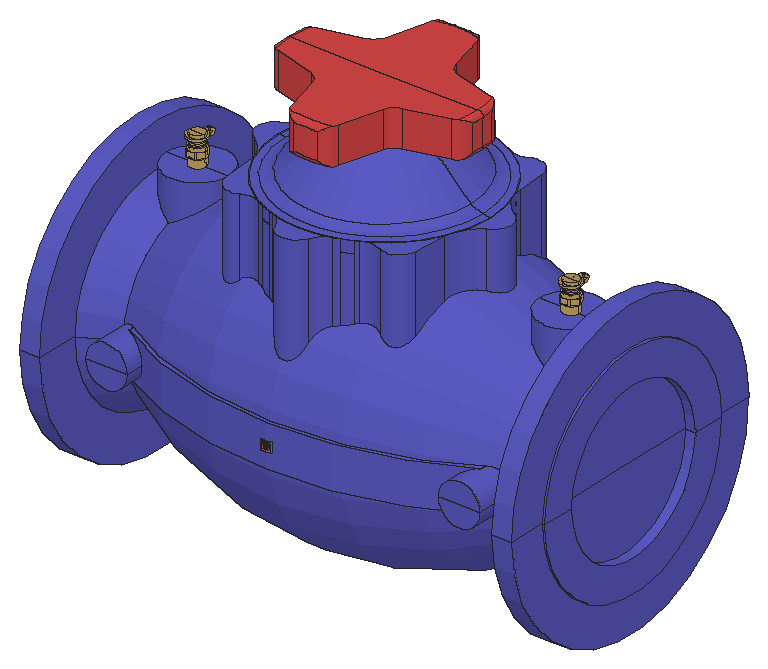
Revit family "Strangregulierventil für Differenzdruckmessung, Geradsitzform 4218 GMF", category Rohrzubehör, Revit 2020 (continued)
Definition of nested family "Messstutzen_Band_Austritt_senkrecht_(oben 25)"
  Forms (mm)
    Extrusion 4, solid, detail levels fine
      sketch origin (12.045, 0, 25.83) x (0, 1, 0) y (0.906308, 0, -0.422618)
        loop
          circle (0, 0) r 3.7
        loop
          arc (5.505, -3.906) -> (7.288, -2.358) -> (9.582, -1.8) r 5
          line (9.582, -1.8) -> (9.582, 1.8)
          arc (9.582, 1.8) -> (7.288, 2.358) -> (5.505, 3.906) r 5
          arc (5.505, 3.906) -> (-6.75, 0) -> (5.505, -3.906) r 6.75
      from 0 to -1.5
    Extrusion 5, solid, detail levels fine
      sketch origin (14.022, 0, 30.07) x (0, 1, 0) y (0.906308, 0, -0.422618)
        loop
          circle (0, 0) r 6.1
        loop
          arc (8.652, -4.495) -> (10.493, -2.527) -> (13.089, -1.8) r 5
          line (13.089, -1.8) -> (13.089, 1.8)
          arc (13.089, 1.8) -> (10.493, 2.527) -> (8.652, 4.495) r 5
          arc (8.652, 4.495) -> (-9.75, 0) -> (8.652, -4.495) r 9.75
      from 0 to -1.5
    Sweep 6, solid, detail levels fine
      path origin (0.876, 0.242, 1.118) x (-0.422618, 0, -0.906308) y (0, 1, 0)
        loop
          line (-27.75, 9.582) -> (-27.75, 14.522)
          arc (-27.75, 14.522) -> (-30.089, 16.862) -> (-32.428, 14.522) r 2.339
          line (-32.428, 14.522) -> (-32.428, 13.089)
      profile origin (12.603, 12.294, 26.268) x (0.422618, 0, 0.906308) y (0.906308, 0, -0.422618)
        loop
          line (-0.75, -1.8) -> (0.75, -1.8) -> (0.75, 1.8) -> (-0.75, 1.8) -> (-0.75, -1.8)
  Dimensions and locks
    aligned and locked: level to plane 2
Definition of nested family "Messstutzen_Band_Austritt_senkrecht_(oben 0.8)"
  Parameters (values of type "Messstutzen_Band_Austritt_senkrecht_(oben 0.8)")
    Default Elevation = 0.00 mm
    URL = "www.herz-armaturen.at"
    Schutzkappe [instance] = yes
    Nennweite [instance] = 0.00 mm
    Manufacturer = "Herz Armaturen GmbH"  # constant formula
    Gewicht [instance] = 0.00 kg
    Bestellnummer [instance] = 0
  Reference planes
    plane 1 "Mitte (Vorne/hinten)": y = 0
    plane 2: z = 0
    plane 3 "Mitte (Links/rechts)": x = 0
  Forms (mm)
    Revolve 1, solid, detail levels fine
      sketch origin (0, 0, 0) x (0.999903, 0, -0.013962) y (0.013962, 0, 0.999903)
        loop
          line (-7.4, 9) -> (-5.55, 9) -> (-5.55, 6)
          arc (-5.55, 6) -> (-5.626, 5.617) -> (-5.843, 5.293) r 1
          line (-5.843, 5.293) -> (-6.455, 4.681) -> (-6.455, 0.9) -> (-5.555, 0) -> (-2, 0) -> (-2, 17.5) -> (-8.4, 17.5)
          arc (-8.4, 17.5) -> (-7.693, 17.207) -> (-7.4, 16.5) r 1
          line (-7.4, 16.5) -> (-7.4, 9)
        loop
          line (-3.7, 27) -> (-7.3, 27) -> (-7.9, 26.4) -> (-7.9, 23) -> (-2, 23) -> (-2, 35.8) -> (-3.805, 35.8) -> (-4.415, 35.19) -> (-4.415, 30.863) -> (-3.7, 30.45) -> (-3.7, 27)
        axis (0, 0) -> (0, 35.8)
      angle from 0 to 360
    Extrusion 2, solid, detail levels fine
      sketch origin (0.244, 0, 17.498) x (0, 1, 0) y (-0.999903, 0, 0.013962)
        loop
          arc (-7.07, 5.156) -> (-7.578, 4.375) -> (-8, 3.544) r 8.75
          line (-8, 3.544) -> (-8, -3.544)
          arc (-8, -3.544) -> (-7.578, -4.375) -> (-7.07, -5.156) r 8.75
          line (-7.07, -5.156) -> (-0.93, -8.7)
          arc (-0.93, -8.7) -> (0, -8.75) -> (0.93, -8.7) r 8.75
          line (0.93, -8.7) -> (7.07, -5.156)
          arc (7.07, -5.156) -> (7.578, -4.375) -> (8, -3.544) r 8.75
          line (8, -3.544) -> (8, 3.544)
          arc (8, 3.544) -> (7.578, 4.375) -> (7.07, 5.156) r 8.75
          line (7.07, 5.156) -> (0.93, 8.7)
          arc (0.93, 8.7) -> (0, 8.75) -> (-0.93, 8.7) r 8.75
          line (-0.93, 8.7) -> (-7.07, 5.156)
      from 0 to 5.5
    Revolve 3, solid, visible <- "Schutzkappe", detail levels fine
      sketch origin (0, 0, 0) x (0.999903, 0, -0.013962) y (0.013962, 0, 0.999903)
        loop
          line (0, 35.878) -> (0, 36.678) -> (-7, 36.678) -> (-7, 33.378) -> (-6.1, 33.378) -> (-6.1, 31.678) -> (-6.9, 31.678) -> (-6.9, 30.178) -> (-4.415, 30.178) -> (-4.415, 35.268) -> (-3.805, 35.878) -> (0, 35.878)
        axis (0, 30.178) -> (0, 36.678)
      angle from 0 to 360
    Extrusion 4, solid, detail levels fine
      sketch origin (0.398, 0, 28.497) x (0, 1, 0) y (0.999903, 0, -0.013962)
        loop
          circle (0, 0) r 3.7
        loop
          arc (5.505, -3.906) -> (7.288, -2.358) -> (9.582, -1.8) r 5
          line (9.582, -1.8) -> (9.582, 1.8)
          arc (9.582, 1.8) -> (7.288, 2.358) -> (5.505, 3.906) r 5
          arc (5.505, 3.906) -> (-6.75, 0) -> (5.505, -3.906) r 6.75
      from 0 to -1.5
    Extrusion 5, solid, detail levels fine
      sketch origin (0.463, 0, 33.175) x (0, 1, 0) y (0.999903, 0, -0.013962)
        loop
          circle (0, 0) r 6.1
        loop
          arc (8.652, -4.495) -> (10.493, -2.527) -> (13.089, -1.8) r 5
          line (13.089, -1.8) -> (13.089, 1.8)
          arc (13.089, 1.8) -> (10.493, 2.527) -> (8.652, 4.495) r 5
          arc (8.652, 4.495) -> (-9.75, 0) -> (8.652, -4.495) r 9.75
      from 0 to -1.5
    Sweep 6, solid, detail levels fine
      path origin (0.514, 0.493, 1.007) x (-0.013962, 0, -0.999903) y (0, 1, 0)
        loop
          line (-27.75, 9.582) -> (-27.75, 14.522)
          arc (-27.75, 14.522) -> (-30.089, 16.862) -> (-32.428, 14.522) r 2.339
          line (-32.428, 14.522) -> (-32.428, 13.089)
      profile origin (0.901, 12.545, 28.754) x (0.013962, 0, 0.999903) y (0.999903, 0, -0.013962)
        loop
          line (-0.75, -1.8) -> (0.75, -1.8) -> (0.75, 1.8) -> (-0.75, 1.8) -> (-0.75, -1.8)
  Dimensions and locks
    aligned and locked: level to plane 2
Definition of nested family "Messstutzen_Band_Eintritt_senkrecht_(oben 10)"
  Parameters (values of type "Messstutzen_Band_Eintritt_senkrecht_(oben 10)")
    Default Elevation = 0.00 mm
    URL = "www.herz-armaturen.at"
    Schutzkappe [instance] = yes
    Nennweite [instance] = 0.00 mm
    Manufacturer = "Herz Armaturen GmbH"  # constant formula
    Gewicht [instance] = 0.00 kg
    Bestellnummer [instance] = 0
  Reference planes
    plane 1 "Mitte (Vorne/hinten)": y = 0
    plane 2: z = 0
    plane 3 "Mitte (Links/rechts)": x = 0
  Forms (mm)
    Revolve 1, solid, detail levels fine
      sketch origin (0, 0, 0) x (0.984808, 0, 0.173648) y (-0.173648, 0, 0.984808)
        loop
          line (-7.4, 9) -> (-5.55, 9) -> (-5.55, 6)
          arc (-5.55, 6) -> (-5.626, 5.617) -> (-5.843, 5.293) r 1
          line (-5.843, 5.293) -> (-6.455, 4.681) -> (-6.455, 0.9) -> (-5.555, 0) -> (-2, 0) -> (-2, 17.5) -> (-8.4, 17.5)
          arc (-8.4, 17.5) -> (-7.693, 17.207) -> (-7.4, 16.5) r 1
          line (-7.4, 16.5) -> (-7.4, 9)
        loop
          line (-3.7, 27) -> (-7.3, 27) -> (-7.9, 26.4) -> (-7.9, 23) -> (-2, 23) -> (-2, 35.8) -> (-3.805, 35.8) -> (-4.415, 35.19) -> (-4.415, 30.863) -> (-3.7, 30.45) -> (-3.7, 27)
        axis (0, 0) -> (0, 35.8)
      angle from 0 to 360
    Extrusion 2, solid, detail levels fine
      sketch origin (-3.039, 0, 17.234) x (0, 1, 0) y (-0.984808, 0, -0.173648)
        loop
          arc (-7.07, 5.156) -> (-7.578, 4.375) -> (-8, 3.544) r 8.75
          line (-8, 3.544) -> (-8, -3.544)
          arc (-8, -3.544) -> (-7.578, -4.375) -> (-7.07, -5.156) r 8.75
          line (-7.07, -5.156) -> (-0.93, -8.7)
          arc (-0.93, -8.7) -> (0, -8.75) -> (0.93, -8.7) r 8.75
          line (0.93, -8.7) -> (7.07, -5.156)
          arc (7.07, -5.156) -> (7.578, -4.375) -> (8, -3.544) r 8.75
          line (8, -3.544) -> (8, 3.544)
          arc (8, 3.544) -> (7.578, 4.375) -> (7.07, 5.156) r 8.75
          line (7.07, 5.156) -> (0.93, 8.7)
          arc (0.93, 8.7) -> (0, 8.75) -> (-0.93, 8.7) r 8.75
          line (-0.93, 8.7) -> (-7.07, 5.156)
      from 0 to 5.5
    Revolve 3, solid, visible <- "Schutzkappe", detail levels fine
      sketch origin (0, 0, 0) x (0.984808, 0, 0.173648) y (-0.173648, 0, 0.984808)
        loop
          line (0, 35.878) -> (0, 36.678) -> (-7, 36.678) -> (-7, 33.378) -> (-6.1, 33.378) -> (-6.1, 31.678) -> (-6.9, 31.678) -> (-6.9, 30.178) -> (-4.415, 30.178) -> (-4.415, 35.268) -> (-3.805, 35.878) -> (0, 35.878)
        axis (0, 30.178) -> (0, 36.678)
      angle from 0 to 360
    Extrusion 4, solid, detail levels fine
      sketch origin (-4.949, 0, 28.067) x (0, 1, 0) y (0.984808, 0, 0.173648)
        loop
          circle (0, 0) r 3.7
        loop
          arc (5.505, -3.906) -> (7.288, -2.358) -> (9.582, -1.8) r 5
          line (9.582, -1.8) -> (9.582, 1.8)
          arc (9.582, 1.8) -> (7.288, 2.358) -> (5.505, 3.906) r 5
          arc (5.505, 3.906) -> (-6.75, 0) -> (5.505, -3.906) r 6.75
      from 0 to -1.5
    Extrusion 5, solid, detail levels fine
      sketch origin (-5.761, 0, 32.674) x (0, 1, 0) y (0.984808, 0, 0.173648)
        loop
          circle (0, 0) r 6.1
        loop
          arc (8.652, -4.495) -> (10.493, -2.527) -> (13.089, -1.8) r 5
          line (13.089, -1.8) -> (13.089, 1.8)
          arc (13.089, 1.8) -> (10.493, 2.527) -> (8.652, 4.495) r 5
          arc (8.652, 4.495) -> (-9.75, 0) -> (8.652, -4.495) r 9.75
      from 0 to -1.5
    Sweep 6, solid, detail levels fine
      path origin (0.6, 0.141, 0.838) x (0.173648, 0, -0.984808) y (0, 1, 0)
        loop
          line (-27.75, 9.582) -> (-27.75, 14.522)
          arc (-27.75, 14.522) -> (-30.089, 16.862) -> (-32.428, 14.522) r 2.339
          line (-32.428, 14.522) -> (-32.428, 13.089)
      profile origin (-4.219, 12.193, 28.166) x (-0.173648, 0, 0.984808) y (0.984808, 0, 0.173648)
        loop
          line (-0.75, -1.8) -> (0.75, -1.8) -> (0.75, 1.8) -> (-0.75, 1.8) -> (-0.75, -1.8)
  Dimensions and locks
    aligned and locked: level to plane 2
Definition of nested family "Messstutzen_Band_Eintritt_senkrecht_(oben 15)"
  Parameters (values of type "Messstutzen_Band_Eintritt_senkrecht_(oben 15)")
    Default Elevation = 0.00 mm
    URL = "www.herz-armaturen.at"
    Schutzkappe [instance] = yes
    Nennweite [instance] = 0.00 mm
    Manufacturer = "Herz Armaturen GmbH"  # constant formula
    Gewicht [instance] = 0.00 kg
    Bestellnummer [instance] = 0
  Reference planes
    plane 1 "Mitte (Vorne/hinten)": y = 0
    plane 2: z = 0
    plane 3 "Mitte (Links/rechts)": x = 0
  Forms (mm)
    Revolve 1, solid, detail levels fine
      sketch origin (0, 0, 0) x (0.965926, 0, 0.258819) y (-0.258819, 0, 0.965926)
        loop
          line (-7.4, 9) -> (-5.55, 9) -> (-5.55, 6)
          arc (-5.55, 6) -> (-5.626, 5.617) -> (-5.843, 5.293) r 1
          line (-5.843, 5.293) -> (-6.455, 4.681) -> (-6.455, 0.9) -> (-5.555, 0) -> (-2, 0) -> (-2, 17.5) -> (-8.4, 17.5)
          arc (-8.4, 17.5) -> (-7.693, 17.207) -> (-7.4, 16.5) r 1
          line (-7.4, 16.5) -> (-7.4, 9)
        loop
          line (-3.7, 27) -> (-7.3, 27) -> (-7.9, 26.4) -> (-7.9, 23) -> (-2, 23) -> (-2, 35.8) -> (-3.805, 35.8) -> (-4.415, 35.19) -> (-4.415, 30.863) -> (-3.7, 30.45) -> (-3.7, 27)
        axis (0, 0) -> (0, 35.8)
      angle from 0 to 360
    Extrusion 2, solid, detail levels fine
      sketch origin (-4.529, 0, 16.904) x (0, 1, 0) y (-0.965926, 0, -0.258819)
        loop
          arc (-7.07, 5.156) -> (-7.578, 4.375) -> (-8, 3.544) r 8.75
          line (-8, 3.544) -> (-8, -3.544)
          arc (-8, -3.544) -> (-7.578, -4.375) -> (-7.07, -5.156) r 8.75
          line (-7.07, -5.156) -> (-0.93, -8.7)
          arc (-0.93, -8.7) -> (0, -8.75) -> (0.93, -8.7) r 8.75
          line (0.93, -8.7) -> (7.07, -5.156)
          arc (7.07, -5.156) -> (7.578, -4.375) -> (8, -3.544) r 8.75
          line (8, -3.544) -> (8, 3.544)
          arc (8, 3.544) -> (7.578, 4.375) -> (7.07, 5.156) r 8.75
          line (7.07, 5.156) -> (0.93, 8.7)
          arc (0.93, 8.7) -> (0, 8.75) -> (-0.93, 8.7) r 8.75
          line (-0.93, 8.7) -> (-7.07, 5.156)
      from 0 to 5.5
    Revolve 3, solid, visible <- "Schutzkappe", detail levels fine
      sketch origin (0, 0, 0) x (0.965926, 0, 0.258819) y (-0.258819, 0, 0.965926)
        loop
          line (0, 35.878) -> (0, 36.678) -> (-7, 36.678) -> (-7, 33.378) -> (-6.1, 33.378) -> (-6.1, 31.678) -> (-6.9, 31.678) -> (-6.9, 30.178) -> (-4.415, 30.178) -> (-4.415, 35.268) -> (-3.805, 35.878) -> (0, 35.878)
        axis (0, 30.178) -> (0, 36.678)
      angle from 0 to 360
    Extrusion 4, solid, detail levels fine
      sketch origin (-7.376, 0, 27.529) x (0, 1, 0) y (0.965926, 0, 0.258819)
        loop
          circle (0, 0) r 3.7
        loop
          arc (5.505, -3.906) -> (7.288, -2.358) -> (9.582, -1.8) r 5
          line (9.582, -1.8) -> (9.582, 1.8)
          arc (9.582, 1.8) -> (7.288, 2.358) -> (5.505, 3.906) r 5
          arc (5.505, 3.906) -> (-6.75, 0) -> (5.505, -3.906) r 6.75
      from 0 to -1.5
    Extrusion 5, solid, detail levels fine
      sketch origin (-8.587, 0, 32.048) x (0, 1, 0) y (0.965926, 0, 0.258819)
        loop
          circle (0, 0) r 6.1
        loop
          arc (8.652, -4.495) -> (10.493, -2.527) -> (13.089, -1.8) r 5
          line (13.089, -1.8) -> (13.089, 1.8)
          arc (13.089, 1.8) -> (10.493, 2.527) -> (8.652, 4.495) r 5
          arc (8.652, 4.495) -> (-9.75, 0) -> (8.652, -4.495) r 9.75
      from 0 to -1.5
    Sweep 6, solid, detail levels fine
      path origin (0.468, 0.277, 0.942) x (0.258819, 0, -0.965926) y (0, 1, 0)
        loop
          line (-27.75, 9.582) -> (-27.75, 14.522)
          arc (-27.75, 14.522) -> (-30.089, 16.862) -> (-32.428, 14.522) r 2.339
          line (-32.428, 14.522) -> (-32.428, 13.089)
      profile origin (-6.714, 12.329, 27.747) x (-0.258819, 0, 0.965926) y (0.965926, 0, 0.258819)
        loop
          line (-0.75, -1.8) -> (0.75, -1.8) -> (0.75, 1.8) -> (-0.75, 1.8) -> (-0.75, -1.8)
  Dimensions and locks
    aligned and locked: level to plane 2
Definition of nested family "Messstutzen_Band_Eintritt_senkrecht_(oben 25)"
  Parameters (values of type "Messstutzen_Band_Eintritt_senkrecht_(oben 25)")
    Default Elevation = 0.00 mm
    URL = "www.herz-armaturen.at"
    Schutzkappe [instance] = yes
    Nennweite [instance] = 0.00 mm
    Manufacturer = "Herz Armaturen GmbH"  # constant formula
    Gewicht [instance] = 0.00 kg
    Bestellnummer [instance] = 0
  Reference planes
    plane 1 "Mitte (Vorne/hinten)": y = 0
    plane 2: z = 0
    plane 3 "Mitte (Links/rechts)": x = 0
  Forms (mm)
    Revolve 1, solid, detail levels fine
      sketch origin (0, 0, 0) x (0.906308, 0, 0.422618) y (-0.422618, 0, 0.906308)
        loop
          line (-7.4, 9) -> (-5.55, 9) -> (-5.55, 6)
          arc (-5.55, 6) -> (-5.626, 5.617) -> (-5.843, 5.293) r 1
          line (-5.843, 5.293) -> (-6.455, 4.681) -> (-6.455, 0.9) -> (-5.555, 0) -> (-2, 0) -> (-2, 17.5) -> (-8.4, 17.5)
          arc (-8.4, 17.5) -> (-7.693, 17.207) -> (-7.4, 16.5) r 1
          line (-7.4, 16.5) -> (-7.4, 9)
        loop
          line (-3.7, 27) -> (-7.3, 27) -> (-7.9, 26.4) -> (-7.9, 23) -> (-2, 23) -> (-2, 35.8) -> (-3.805, 35.8) -> (-4.415, 35.19) -> (-4.415, 30.863) -> (-3.7, 30.45) -> (-3.7, 27)
        axis (0, 0) -> (0, 35.8)
      angle from 0 to 360
    Extrusion 2, solid, detail levels fine
      sketch origin (-7.396, 0, 15.86) x (0, 1, 0) y (-0.906308, 0, -0.422618)
        loop
          arc (-7.07, 5.156) -> (-7.578, 4.375) -> (-8, 3.544) r 8.75
          line (-8, 3.544) -> (-8, -3.544)
          arc (-8, -3.544) -> (-7.578, -4.375) -> (-7.07, -5.156) r 8.75
          line (-7.07, -5.156) -> (-0.93, -8.7)
          arc (-0.93, -8.7) -> (0, -8.75) -> (0.93, -8.7) r 8.75
          line (0.93, -8.7) -> (7.07, -5.156)
          arc (7.07, -5.156) -> (7.578, -4.375) -> (8, -3.544) r 8.75
          line (8, -3.544) -> (8, 3.544)
          arc (8, 3.544) -> (7.578, 4.375) -> (7.07, 5.156) r 8.75
          line (7.07, 5.156) -> (0.93, 8.7)
          arc (0.93, 8.7) -> (0, 8.75) -> (-0.93, 8.7) r 8.75
          line (-0.93, 8.7) -> (-7.07, 5.156)
      from 0 to 5.5
    Revolve 3, solid, visible <- "Schutzkappe", detail levels fine
      sketch origin (0, 0, 0) x (0.906308, 0, 0.422618) y (-0.422618, 0, 0.906308)
        loop
          line (0, 35.878) -> (0, 36.678) -> (-7, 36.678) -> (-7, 33.378) -> (-6.1, 33.378) -> (-6.1, 31.678) -> (-6.9, 31.678) -> (-6.9, 30.178) -> (-4.415, 30.178) -> (-4.415, 35.268) -> (-3.805, 35.878) -> (0, 35.878)
        axis (0, 30.178) -> (0, 36.678)
      angle from 0 to 360
    Extrusion 4, solid, detail levels fine
      sketch origin (-12.045, 0, 25.83) x (0, 1, 0) y (0.906308, 0, 0.422618)
        loop
          circle (0, 0) r 3.7
        loop
          arc (5.505, -3.906) -> (7.288, -2.358) -> (9.582, -1.8) r 5
          line (9.582, -1.8) -> (9.582, 1.8)
          arc (9.582, 1.8) -> (7.288, 2.358) -> (5.505, 3.906) r 5
          arc (5.505, 3.906) -> (-6.75, 0) -> (5.505, -3.906) r 6.75
      from 0 to -1.5
    Extrusion 5, solid, detail levels fine
      sketch origin (-14.022, 0, 30.07) x (0, 1, 0) y (0.906308, 0, 0.422618)
        loop
          circle (0, 0) r 6.1
        loop
          arc (8.652, -4.495) -> (10.493, -2.527) -> (13.089, -1.8) r 5
          line (13.089, -1.8) -> (13.089, 1.8)
          arc (13.089, 1.8) -> (10.493, 2.527) -> (8.652, 4.495) r 5
          arc (8.652, 4.495) -> (-9.75, 0) -> (8.652, -4.495) r 9.75
      from 0 to -1.5
    Sweep 6, solid, detail levels fine
      path origin (-0.876, 0.242, 1.118) x (0.422618, 0, -0.906308) y (0, 1, 0)
        loop
          line (-27.75, 9.582) -> (-27.75, 14.522)
          arc (-27.75, 14.522) -> (-30.089, 16.862) -> (-32.428, 14.522) r 2.339
          line (-32.428, 14.522) -> (-32.428, 13.089)
      profile origin (-12.603, 12.294, 26.268) x (-0.422618, 0, 0.906308) y (0.906308, 0, 0.422618)
        loop
          line (-0.75, -1.8) -> (0.75, -1.8) -> (0.75, 1.8) -> (-0.75, 1.8) -> (-0.75, -1.8)
  Dimensions and locks
    aligned and locked: level to plane 2
Definition of nested family "Messstutzen_Band_Eintritt_senkrecht_(oben 0.8)"
  Parameters (values of type "Messstutzen_Band_Eintritt_senkrecht_(oben 0.8)")
    Default Elevation = 0.00 mm
    URL = "www.herz-armaturen.at"
    Schutzkappe [instance] = yes
    Nennweite [instance] = 0.00 mm
    Manufacturer = "Herz Armaturen GmbH"  # constant formula
    Gewicht [instance] = 0.00 kg
    Bestellnummer [instance] = 0
  Reference planes
    plane 1 "Mitte (Vorne/hinten)": y = 0
    plane 2: z = 0
    plane 3 "Mitte (Links/rechts)": x = 0
  Forms (mm)
    Revolve 1, solid, detail levels fine
      sketch origin (0, 0, 0) x (0.999903, 0, 0.013962) y (-0.013962, 0, 0.999903)
        loop
          line (-7.4, 9) -> (-5.55, 9) -> (-5.55, 6)
          arc (-5.55, 6) -> (-5.626, 5.617) -> (-5.843, 5.293) r 1
          line (-5.843, 5.293) -> (-6.455, 4.681) -> (-6.455, 0.9) -> (-5.555, 0) -> (-2, 0) -> (-2, 17.5) -> (-8.4, 17.5)
          arc (-8.4, 17.5) -> (-7.693, 17.207) -> (-7.4, 16.5) r 1
          line (-7.4, 16.5) -> (-7.4, 9)
        loop
          line (-3.7, 27) -> (-7.3, 27) -> (-7.9, 26.4) -> (-7.9, 23) -> (-2, 23) -> (-2, 35.8) -> (-3.805, 35.8) -> (-4.415, 35.19) -> (-4.415, 30.863) -> (-3.7, 30.45) -> (-3.7, 27)
        axis (0, 0) -> (0, 35.8)
      angle from 0 to 360
    Extrusion 2, solid, detail levels fine
      sketch origin (-0.244, 0, 17.498) x (0, 1, 0) y (-0.999903, 0, -0.013962)
        loop
          arc (-7.07, 5.156) -> (-7.578, 4.375) -> (-8, 3.544) r 8.75
          line (-8, 3.544) -> (-8, -3.544)
          arc (-8, -3.544) -> (-7.578, -4.375) -> (-7.07, -5.156) r 8.75
          line (-7.07, -5.156) -> (-0.93, -8.7)
          arc (-0.93, -8.7) -> (0, -8.75) -> (0.93, -8.7) r 8.75
          line (0.93, -8.7) -> (7.07, -5.156)
          arc (7.07, -5.156) -> (7.578, -4.375) -> (8, -3.544) r 8.75
          line (8, -3.544) -> (8, 3.544)
          arc (8, 3.544) -> (7.578, 4.375) -> (7.07, 5.156) r 8.75
          line (7.07, 5.156) -> (0.93, 8.7)
          arc (0.93, 8.7) -> (0, 8.75) -> (-0.93, 8.7) r 8.75
          line (-0.93, 8.7) -> (-7.07, 5.156)
      from 0 to 5.5
    Revolve 3, solid, visible <- "Schutzkappe", detail levels fine
      sketch origin (0, 0, 0) x (0.999903, 0, 0.013962) y (-0.013962, 0, 0.999903)
        loop
          line (0, 35.878) -> (0, 36.678) -> (-7, 36.678) -> (-7, 33.378) -> (-6.1, 33.378) -> (-6.1, 31.678) -> (-6.9, 31.678) -> (-6.9, 30.178) -> (-4.415, 30.178) -> (-4.415, 35.268) -> (-3.805, 35.878) -> (0, 35.878)
        axis (0, 30.178) -> (0, 36.678)
      angle from 0 to 360
    Extrusion 4, solid, detail levels fine
      sketch origin (-0.398, 0, 28.497) x (0, 1, 0) y (0.999903, 0, 0.013962)
        loop
          circle (0, 0) r 3.7
        loop
          arc (5.505, -3.906) -> (7.288, -2.358) -> (9.582, -1.8) r 5
          line (9.582, -1.8) -> (9.582, 1.8)
          arc (9.582, 1.8) -> (7.288, 2.358) -> (5.505, 3.906) r 5
          arc (5.505, 3.906) -> (-6.75, 0) -> (5.505, -3.906) r 6.75
      from 0 to -1.5
    Extrusion 5, solid, detail levels fine
      sketch origin (-0.463, 0, 33.175) x (0, 1, 0) y (0.999903, 0, 0.013962)
        loop
          circle (0, 0) r 6.1
        loop
          arc (8.652, -4.495) -> (10.493, -2.527) -> (13.089, -1.8) r 5
          line (13.089, -1.8) -> (13.089, 1.8)
          arc (13.089, 1.8) -> (10.493, 2.527) -> (8.652, 4.495) r 5
          arc (8.652, 4.495) -> (-9.75, 0) -> (8.652, -4.495) r 9.75
      from 0 to -1.5
    Sweep 6, solid, detail levels fine
      path origin (0.447, 0.318, 1.252) x (0.013962, 0, -0.999903) y (0, 1, 0)
        loop
          line (-27.75, 9.582) -> (-27.75, 14.522)
          arc (-27.75, 14.522) -> (-30.089, 16.862) -> (-32.428, 14.522) r 2.339
          line (-32.428, 14.522) -> (-32.428, 13.089)
      profile origin (0.059, 12.37, 29) x (-0.013962, 0, 0.999903) y (0.999903, 0, 0.013962)
        loop
          line (-0.75, -1.8) -> (0.75, -1.8) -> (0.75, 1.8) -> (-0.75, 1.8) -> (-0.75, -1.8)
  Dimensions and locks
    aligned and locked: level to plane 2
Definition of nested family "Strangregulierventil-Handrad-Gerade (Rot) DN15-DN40"
  Parameters (values of type "Strangregulierventil-Handrad-Gerade (Rot) DN15-DN40")
    Default Elevation = 0.00 mm
    URL = "www.herz-armaturen.at"
    Nennweite [instance] = 0.00 mm
    Manufacturer = "Herz Armaturen GmbH"  # constant formula
    Gewicht [instance] = 0.00 kg
    Bestellnummer [instance] = 0
  Reference planes
    plane 1 "Mitte (Vorne/hinten)": y = 0
    plane 2: z = 0
    plane 3 "Mitte (Links/rechts)": x = 0
  Forms (mm)
    Revolve 1, solid, detail levels fine
      sketch origin (0, 0, 0) x (1, 0, 0) y (0, 0, 1)
        loop
          line (0, 0) -> (0, 24.95) -> (-30.992, 24.95)
          arc (-30.992, 24.95) -> (-34.37, 23.636) -> (-35.973, 20.386) r 5
          line (-35.973, 20.386) -> (-37, 8.65) -> (-35.986, -2.936)
          arc (-35.986, -2.936) -> (-34.383, -6.186) -> (-31.005, -7.5) r 5
          line (-31.005, -7.5) -> (-15, -7.5) -> (-15, 0) -> (0, 0)
        axis (0, 24.95) -> (0, -7.5)
      angle from 0 to 360
    Extrusion 2, void
      sketch origin (0, 0, 20.3) x (1, 0, 0) y (0, 1, 0)
        loop
          line (3.861, 35.5) -> (-3.861, 35.5)
          arc (-3.861, 35.5) -> (-8.731, 33.847) -> (-11.589, 29.571) r 8
          line (-11.589, 29.571) -> (-13.284, 23.245)
          arc (-13.284, 23.245) -> (-13.982, 21.722) -> (-15.144, 20.516) r 5
          arc (-15.144, 20.516) -> (-18.031, 18.031) -> (-20.516, 15.144) r 25.5
          arc (-20.516, 15.144) -> (-21.722, 13.982) -> (-23.245, 13.284) r 5
          line (-23.245, 13.284) -> (-29.571, 11.589)
          arc (-29.571, 11.589) -> (-33.847, 8.731) -> (-35.5, 3.861) r 8
          line (-35.5, 3.861) -> (-35.5, -3.861)
          arc (-35.5, -3.861) -> (-33.847, -8.731) -> (-29.571, -11.589) r 8
          line (-29.571, -11.589) -> (-23.245, -13.284)
          arc (-23.245, -13.284) -> (-21.722, -13.982) -> (-20.516, -15.144) r 5
          arc (-20.516, -15.144) -> (-18.031, -18.031) -> (-15.144, -20.516) r 25.5
          arc (-15.144, -20.516) -> (-13.982, -21.722) -> (-13.284, -23.245) r 5
          line (-13.284, -23.245) -> (-11.589, -29.571)
          arc (-11.589, -29.571) -> (-8.731, -33.847) -> (-3.861, -35.5) r 8
          line (-3.861, -35.5) -> (3.861, -35.5)
          arc (3.861, -35.5) -> (8.731, -33.847) -> (11.589, -29.571) r 8
          line (11.589, -29.571) -> (13.284, -23.245)
          arc (13.284, -23.245) -> (13.982, -21.722) -> (15.144, -20.516) r 5
          arc (15.144, -20.516) -> (18.031, -18.031) -> (20.516, -15.144) r 25.5
          arc (20.516, -15.144) -> (21.722, -13.982) -> (23.245, -13.284) r 5
          line (23.245, -13.284) -> (29.571, -11.589)
          arc (29.571, -11.589) -> (33.847, -8.731) -> (35.5, -3.861) r 8
          line (35.5, -3.861) -> (35.5, 3.861)
          arc (35.5, 3.861) -> (33.847, 8.731) -> (29.571, 11.589) r 8
          line (29.571, 11.589) -> (23.245, 13.284)
          arc (23.245, 13.284) -> (21.722, 13.982) -> (20.516, 15.144) r 5
          arc (20.516, 15.144) -> (18.031, 18.031) -> (15.144, 20.516) r 25.5
          arc (15.144, 20.516) -> (13.982, 21.722) -> (13.284, 23.245) r 5
          line (13.284, 23.245) -> (11.589, 29.571)
          arc (11.589, 29.571) -> (8.731, 33.847) -> (3.861, 35.5) r 8
        loop
          circle (0, 0) r 38
      from -31.266 to 7.923
  Cuts and joins
    Extrusion 2 cuts Revolve 1
  Dimensions and locks
    Revolve 1 sketch curve to Revolve 1 sketch curve = 15.00 mm
    Revolve 1 sketch curve to Revolve 1 sketch curve = 16.15 mm
    Revolve 1 sketch curve to Revolve 1 sketch curve = 16.30 mm
    angle Revolve 1 sketch curve to Revolve 1 sketch curve = 95.00°
    aligned and locked: level to plane 2
Definition of nested family "Strangregulierventil-Handrad-Gerade (Rot) DN50-DN80"
  Parameters (values of type "Strangregulierventil-Handrad-Gerade (Rot) DN50-DN80")
    Default Elevation = 0.00 mm
    URL = "www.herz-armaturen.at"
    Nennweite [instance] = 0.00 mm
    Manufacturer = "Herz Armaturen GmbH"  # constant formula
    Gewicht [instance] = 0.00 kg
    Bestellnummer [instance] = 0
  Reference planes
    plane 1 "Mitte (Vorne/hinten)": y = 0
    plane 2: z = 0
    plane 3 "Mitte (Links/rechts)": x = 0
  Forms (mm)
    Revolve 1, solid, detail levels fine
      sketch origin (0, 0, 0) x (1, 0, 0) y (0, 0, 1)
        loop
          line (0, 0) -> (0, 24.95) -> (-50.992, 24.95)
          arc (-50.992, 24.95) -> (-54.37, 23.636) -> (-55.973, 20.386) r 5
          line (-55.973, 20.386) -> (-57, 8.65) -> (-55.986, -2.936)
          arc (-55.986, -2.936) -> (-54.383, -6.186) -> (-51.005, -7.5) r 5
          line (-51.005, -7.5) -> (-15, -7.5) -> (-15, 0) -> (0, 0)
        axis (0, 24.95) -> (0, -7.5)
      angle from 0 to 360
    Extrusion 2, void
      sketch origin (0, 0, 20.3) x (1, 0, 0) y (0, 1, 0)
        loop
          line (-55, 6.292) -> (-55, -6.292)
          arc (-55, -6.292) -> (-52.52, -13.597) -> (-46.106, -17.883) r 12
          line (-46.106, -17.883) -> (-35.399, -20.752)
          arc (-35.399, -20.752) -> (-33.541, -21.612) -> (-32.08, -23.047) r 6
          arc (-32.08, -23.047) -> (-27.931, -27.931) -> (-23.047, -32.08) r 39.5
          arc (-23.047, -32.08) -> (-21.612, -33.541) -> (-20.752, -35.399) r 6
          line (-20.752, -35.399) -> (-17.883, -46.106)
          arc (-17.883, -46.106) -> (-13.597, -52.52) -> (-6.292, -55) r 12
          line (-6.292, -55) -> (6.292, -55)
          arc (6.292, -55) -> (13.597, -52.52) -> (17.883, -46.106) r 12
          line (17.883, -46.106) -> (20.752, -35.399)
          arc (20.752, -35.399) -> (21.612, -33.541) -> (23.047, -32.08) r 6
          arc (23.047, -32.08) -> (27.931, -27.931) -> (32.08, -23.047) r 39.5
          arc (32.08, -23.047) -> (33.541, -21.612) -> (35.399, -20.752) r 6
          line (35.399, -20.752) -> (46.106, -17.883)
          arc (46.106, -17.883) -> (52.52, -13.597) -> (55, -6.292) r 12
          line (55, -6.292) -> (55, 6.292)
          arc (55, 6.292) -> (52.52, 13.597) -> (46.106, 17.883) r 12
          line (46.106, 17.883) -> (35.399, 20.752)
          arc (35.399, 20.752) -> (33.541, 21.612) -> (32.08, 23.047) r 6
          arc (32.08, 23.047) -> (27.931, 27.931) -> (23.047, 32.08) r 39.5
          arc (23.047, 32.08) -> (21.612, 33.541) -> (20.752, 35.399) r 6
          line (20.752, 35.399) -> (17.883, 46.106)
          arc (17.883, 46.106) -> (13.597, 52.52) -> (6.292, 55) r 12
          line (6.292, 55) -> (-6.292, 55)
          arc (-6.292, 55) -> (-13.597, 52.52) -> (-17.883, 46.106) r 12
          line (-17.883, 46.106) -> (-20.752, 35.399)
          arc (-20.752, 35.399) -> (-21.612, 33.541) -> (-23.047, 32.08) r 6
          arc (-23.047, 32.08) -> (-27.931, 27.931) -> (-32.08, 23.047) r 39.5
          arc (-32.08, 23.047) -> (-33.541, 21.612) -> (-35.399, 20.752) r 6
          line (-35.399, 20.752) -> (-46.106, 17.883)
          arc (-46.106, 17.883) -> (-52.52, 13.597) -> (-55, 6.292) r 12
        loop
          circle (0, 0) r 60
      from -31.161 to 7.489
  Cuts and joins
    Extrusion 2 cuts Revolve 1
  Dimensions and locks
    Revolve 1 sketch curve to Revolve 1 sketch curve = 15.00 mm
    Revolve 1 sketch curve to Revolve 1 sketch curve = 16.15 mm
    Revolve 1 sketch curve to Revolve 1 sketch curve = 16.30 mm
    Revolve 1 sketch curve to Revolve 1 sketch curve = 57.00 mm
    angle Revolve 1 sketch curve to Revolve 1 sketch curve = 95.00°
    aligned and locked: level to plane 2
Definition of nested family "Strangregulierventil-Handrad-Gerade (Rot) DN100-DN150"
  Parameters (values of type "Strangregulierventil-Handrad-Gerade (Rot) DN100-DN150")
    Default Elevation = 0.00 mm
    URL = "www.herz-armaturen.at"
    Nennweite [instance] = 0.00 mm
    Manufacturer = "Herz Armaturen GmbH"  # constant formula
    Gewicht [instance] = 0.00 kg
    Bestellnummer [instance] = 0
  Reference planes
    plane 1 "Mitte (Vorne/hinten)": y = 0
    plane 2: z = 0
    plane 3 "Mitte (Links/rechts)": x = 0
  Forms (mm)
    Revolve 1, solid, detail levels fine
      sketch origin (0, 0, 0) x (1, 0, 0) y (0, 0, 1)
        loop
          line (0, 0) -> (0, 20.8) -> (-90.019, 20.8)
          arc (-90.019, 20.8) -> (-93.397, 19.486) -> (-95, 16.236) r 5
          line (-95, 16.236) -> (-95, -9.166)
          arc (-95, -9.166) -> (-93.362, -12.33) -> (-90.032, -13.6) r 5
          line (-90.032, -13.6) -> (-20, -13.6) -> (-20, 0) -> (0, 0)
        axis (0, 20.8) -> (0, -13.6)
      angle from 0 to 360
    Extrusion 2, void
      sketch origin (0, 0, 20.3) x (1, 0, 0) y (0, 1, 0)
        loop
          circle (0, 0) r 110
        loop
          arc (-8.5, 94.619) -> (-17.649, 91.506) -> (-23, 83.46) r 15
          line (-23, 83.46) -> (-33.535, 44.142)
          arc (-33.535, 44.142) -> (-37.417, 37.417) -> (-44.142, 33.535) r 15
          line (-44.142, 33.535) -> (-83.46, 23)
          arc (-83.46, 23) -> (-91.506, 17.649) -> (-94.619, 8.5) r 15
          arc (-94.619, 8.5) -> (-95, 0) -> (-94.619, -8.5) r 95
          arc (-94.619, -8.5) -> (-91.506, -17.649) -> (-83.46, -23) r 15
          line (-83.46, -23) -> (-44.142, -33.535)
          arc (-44.142, -33.535) -> (-37.417, -37.417) -> (-33.535, -44.142) r 15
          line (-33.535, -44.142) -> (-23, -83.46)
          arc (-23, -83.46) -> (-17.649, -91.506) -> (-8.5, -94.619) r 15
          arc (-8.5, -94.619) -> (0, -95) -> (8.5, -94.619) r 95
          arc (8.5, -94.619) -> (17.649, -91.506) -> (23, -83.46) r 15
          line (23, -83.46) -> (33.535, -44.142)
          arc (33.535, -44.142) -> (37.417, -37.417) -> (44.142, -33.535) r 15
          line (44.142, -33.535) -> (83.46, -23)
          arc (83.46, -23) -> (91.506, -17.649) -> (94.619, -8.5) r 15
          arc (94.619, -8.5) -> (95, 0) -> (94.619, 8.5) r 95
          arc (94.619, 8.5) -> (91.506, 17.649) -> (83.46, 23) r 15
          line (83.46, 23) -> (44.142, 33.535)
          arc (44.142, 33.535) -> (37.417, 37.417) -> (33.535, 44.142) r 15
          line (33.535, 44.142) -> (23, 83.46)
          arc (23, 83.46) -> (17.649, 91.506) -> (8.5, 94.619) r 15
          arc (8.5, 94.619) -> (0, 95) -> (-8.5, 94.619) r 95
      from -51.286 to 22
  Cuts and joins
    Extrusion 2 cuts Revolve 1
  Dimensions and locks
    Revolve 1 sketch curve to Revolve 1 sketch curve = 20.00 mm
    Revolve 1 sketch curve to Revolve 1 sketch curve = 95.00 mm
    Revolve 1 sketch curve to Revolve 1 sketch curve = 34.40 mm
    plane 2 to Revolve 1 sketch curve = 13.60 mm
    aligned and locked: level to plane 2
